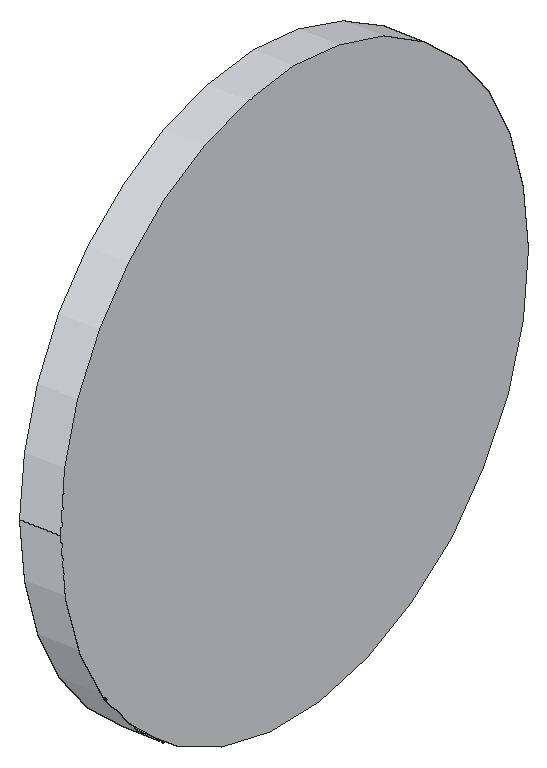
Revit family "faf30802142340388e2f64d755485439", category Pipe Fittings, Revit 2021
Family settings
  Round Connector Dimension = Use Radius
  Part Type = Cap
  OmniClass Number = 23.60.30.11.14
  OmniClass Title = Pipework Fittings
  Seek Item ID = Flange - Threaded - GI - Class 250-0000-USA-ENU
  Work Plane-Based = No
  Always vertical = Yes
  Cut with Voids When Loaded = No
  Shared = No
Parameters (values of type "Standard")
  Tick Size [instance] = Flange Diameter * 0.4  # 3.6000"
  Nominal Radius [instance] = 2.0000"
  Nominal Diameter [instance] = Nominal Radius * 2  # 4.0000"
  Loss Method = Not Defined
  Lookup Table Name = "Flange - Blind - Steel - Class 175"
  Flange Thickness [instance] = size_lookup(Lookup Table Name, "FThk", 0.06 * Nominal Diameter + 0.3400", Nominal Diameter)  # 0.6250"
  Flange Radius [instance] = Flange Diameter / 2  # 4.5000"
  Flange Diameter [instance] = size_lookup(Lookup Table Name, "FDia", 1.13 * Nominal Diameter + 5.0900", Nominal Diameter)  # 9.0000"
  Default Elevation = 0.0000"
Reference planes (in)
  plane 1 "Center (Front/Back)": y = 0
  plane 2: z = 0
  plane 3 "Center (Left/Right)": x = 0
  plane 4: y = 3.6
  plane 5: y = -3.6
  plane 6: x = 0.625
Forms (in)
  Extrusion 1, solid, detail levels fine
    sketch origin (0, 0, 0) x (0, 1, 0) y (0, 0, 1)
      loop
        circle (0, 0) r 4.5
    from 0 to 0.625
Lines and regions (in)
  model lines, detail levels coarse+medium
    curve 1: line (0, 3.6, 0) -> (0, -3.6, 0)
Dimensions and locks (in)
  equal spacing: plane 4, plane 1 "Center (Front/Back)", plane 5
  "Tick Size": plane 4 to plane 1 "Center (Front/Back)"
  "Flange Thickness": plane 3 "Center (Left/Right)" to plane 6
  "Flange Radius": radius of Extrusion 1 sketch curve
  aligned and locked: plane 4 to curve 1
  aligned and locked: plane 5 to curve 1
  aligned and locked: plane 6 to Extrusion 1
  aligned and locked: Extrusion 1 to plane 3 "Center (Left/Right)"
  aligned and locked: curve 1 to plane 3 "Center (Left/Right)"
Automatic sketch dimensions
  Extrusion 1 sketch curve to level = 0.0000"
  Extrusion 1 sketch curve to plane 1 "Center (Front/Back)" = 0.0000"
Connectors (in)
  piping at (0, 0, 0), diameter 4, driven by "Nominal Radius"
    settings: on Extrusion 1, index 1, connector inside diameter 4.0000", connector length 0.0000", flow factor 0, pipe flow 0 GPM, pressure drop 0.00 psi, fitting loss kfactor 0, connector angle 0.00°, fixture units 0, engagement length 0.0000", angle of deflection 0.00°, flow configuration 0, flow direction 0, fitting loss method 0, system type 28, joint type 0, gender type 0, connector reference index -1, connector utility 0, adjustable connector no, is connector primary yes, connector description ""
